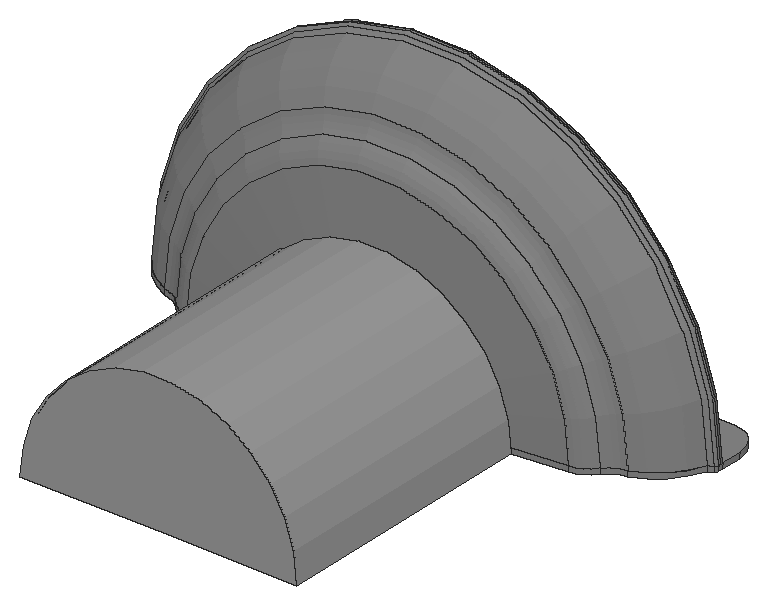
Revit family "Washfountain_4_Staion-Willoughby-WAF-5404-FLR", category Plumbing Fixtures, Revit 2015
Parameters (values of type "Standard")
  water line = Copper
  Waste Connection = no
  Vent Connection = no
  URL = "https://www.willoughby-ind.com/wp-content/uploads/2018/01/WAF-5404.pdf"
  Type Comments = ""
  Solid Surface Sink = Solid Surface Acrylic Resin-Willoughby
  Revision = "A"
  Model = "WAF-5404-FLR"
  Manufacturer = "Willoughby Industries"
  Lav Waste DIA = 1 1/2"
  Lav Waste Connection = yes
  LAV HW DIA = 1/2"
  LAV CW DIA = 1/2"
  HW Connection = yes
  Fixture Body = Stainless Steel AISI 304-Willoughby
  Description = "Floor Mounted 4 Station Washfountain"
  Default Elevation = 0' - 0"
  Contact = "(800) 428-4065"
  CW Connection = yes
Reference planes (in)
  plane 1 "Center (Front/Back)Floor HGT": y = 0
  plane 2: z = 0
  plane 3 "Center (Left/Right)": x = 0
  plane 4 "unit body HGT": y = 39
  plane 5: y = 39.5
  plane 6 "Sink HGT": y = 34
  plane 7 "Base HGT": y = 9.5
  plane 8 "Sink Drain": y = 19.5
  plane 9 "Bottom Of Bowl": y = 25.5
  plane 10: x = -6.845
  plane 11: x = 6.845
  plane 12: x = -27
  plane 13: z = 27
  plane 14 "Splash Face": z = 0.5
  plane 15: z = 13.25
  plane 16: x = -13.25
  plane 17: x = 13.25
  plane 18 "Water Supply": y = 18.5
  plane 19 "Hot Supply": x = 4
  plane 20 "Cold Supply": x = 8
  plane 21 "bubbler HGT": y = 35.66
  plane 22: y = 14.75
  plane 23: x = -9.5
  plane 24: x = 9.5
Forms (in)
  Extrusion 1, solid, material "Solid Surface Acrylic Resin-Willoughby" <- "Solid Surface Sink"
    sketch origin (0, 0, 0) x (1, 0, 0) y (0, 1, 0)
      loop
        line (-6.845, 25.5) -> (6.845, 25.5) -> (11.52413, 25.68856)
        arc (11.52413, 25.68856) -> (14.92598, 25.93546) -> (18.30491, 26.40063) r 53.01
        arc (18.30491, 26.40063) -> (19.41375, 26.83168) -> (20.31491, 27.60836) r 3.51
        arc (20.31491, 27.60836) -> (21.16213, 28.2452) -> (22.16491, 28.58836) r 3.38
        arc (22.16491, 28.58836) -> (24.73032, 30.26295) -> (26.40491, 32.82836) r 7.45
        arc (26.40491, 32.82836) -> (26.54572, 33.0411) -> (26.75847, 33.18191) r 0.63983
        arc (26.75847, 33.18191) -> (26.93397, 33.32403) -> (27, 33.54) r 0.38621
        line (27, 33.54) -> (27, 34) -> (27, 36)
        arc (27, 36) -> (26.12132, 38.12132) -> (24, 39) r 3
        line (24, 39) -> (0, 39) -> (-24, 39)
        arc (-24, 39) -> (-26.12132, 38.12132) -> (-27, 36) r 3
        line (-27, 36) -> (-27, 34) -> (-27, 33.54)
        arc (-27, 33.54) -> (-26.93397, 33.32403) -> (-26.75847, 33.18191) r 0.38621
        arc (-26.75847, 33.18191) -> (-26.54572, 33.0411) -> (-26.40491, 32.82836) r 0.63983
        arc (-26.40491, 32.82836) -> (-24.73032, 30.26295) -> (-22.16491, 28.58836) r 7.45
        arc (-22.16491, 28.58836) -> (-21.16213, 28.2452) -> (-20.31491, 27.60836) r 3.38
        arc (-20.31491, 27.60836) -> (-19.41375, 26.83168) -> (-18.30491, 26.40063) r 3.51
        arc (-18.30491, 26.40063) -> (-14.92598, 25.93546) -> (-11.52413, 25.68856) r 53.01
        line (-11.52413, 25.68856) -> (-6.845, 25.5)
    from 0 to 0.5
  Revolve 2, solid, material "Solid Surface Acrylic Resin-Willoughby" <- "Solid Surface Sink"
    sketch origin (0, 0, 0.5) x (1, 0, 0) y (0, 1, 0)
      loop
        line (27, 33.54) -> (27, 33.75)
        arc (27, 33.75) -> (26.92678, 33.92678) -> (26.75, 34) r 0.25
        arc (26.75, 34) -> (26.59277, 33.93487) -> (26.52764, 33.77764) r 0.22236
        arc (26.52764, 33.77764) -> (26.51299, 33.66399) -> (26.43525, 33.57981) r 0.1886
        arc (26.43525, 33.57981) -> (26.14057, 33.33951) -> (25.94132, 33.01566) r 1.13983
        arc (25.94132, 33.01566) -> (24.38046, 30.64844) -> (22.02426, 29.07099) r 7.17314
        arc (22.02426, 29.07099) -> (20.89405, 28.6688) -> (19.94072, 27.94059) r 3.88
        arc (19.94072, 27.94059) -> (19.16738, 27.26699) -> (18.21278, 26.89214) r 3.01
        arc (18.21278, 26.89214) -> (14.86971, 26.4323) -> (11.504, 26.18815) r 52.51
        line (11.504, 26.18815) -> (6.83493, 26) -> (0, 26) -> (0, 25.5) -> (6.845, 25.5) -> (11.52413, 25.68856)
        arc (11.52413, 25.68856) -> (14.92598, 25.93546) -> (18.30491, 26.40063) r 53.01
        arc (18.30491, 26.40063) -> (19.41375, 26.83168) -> (20.31491, 27.60836) r 3.51
        arc (20.31491, 27.60836) -> (21.16213, 28.2452) -> (22.16491, 28.58836) r 3.38
        arc (22.16491, 28.58836) -> (24.71623, 30.27704) -> (26.40491, 32.82836) r 7.67314
        arc (26.40491, 32.82836) -> (26.54572, 33.0411) -> (26.75847, 33.18191) r 0.63983
        arc (26.75847, 33.18191) -> (26.93397, 33.32403) -> (27, 33.54) r 0.38621
      axis (0, 34) -> (0, 25.5)
    angle from 0 to -180
  Extrusion 3, solid, material "Solid Surface Acrylic Resin-Willoughby" <- "Solid Surface Sink", detail levels medium+fine
    sketch origin (0, 39, 0) x (-1, 0, 0) y (0, 0, 1)
      loop
        line (0, 0) -> (9.5, 0) -> (9.5, 2.25) -> (7.17997, 10.26834)
        arc (7.17997, 10.26834) -> (6.34293, 11.1678) -> (5.16, 11.5) r 2.27225
        line (5.16, 11.5) -> (0, 11.5) -> (-5.16, 11.5)
        arc (-5.16, 11.5) -> (-6.34293, 11.1678) -> (-7.17997, 10.26834) r 2.27225
        line (-7.17997, 10.26834) -> (-9.5, 2.25) -> (-9.5, 0) -> (0, 0)
    from 0 to 0.5
  Extrusion 4, solid, material "Solid Surface Acrylic Resin-Willoughby" <- "Solid Surface Sink", detail levels medium+fine
    sketch origin (0, 39, 0) x (-1, 0, 0) y (0, 0, 1)
      loop
        line (-9, 0) -> (0, 0) -> (9, 0) -> (9, 2.17912) -> (6.76115, 9.91691)
        arc (6.76115, 9.91691) -> (6.22154, 10.69903) -> (5.32025, 11) r 1.5
        line (5.32025, 11) -> (0, 11) -> (-5.32025, 11)
        arc (-5.32025, 11) -> (-6.22154, 10.69903) -> (-6.76115, 9.91691) r 1.5
        line (-6.76115, 9.91691) -> (-9, 2.17912) -> (-9, 0)
    from 0 to -5
  Revolve 5, solid, material "Stainless Steel AISI 304-Willoughby" <- "Fixture Body"
    sketch origin (0, 0, 0) x (1, 0, 0) y (0, 1, 0)
      loop
        line (-13.25, 25.79323) -> (-13.25, 0.125) -> (0, 0.125) -> (0, 0.2527) -> (-13.125, 0.2527) -> (-13.125, 25.79323) -> (-13.25, 25.79323)
      axis (0, 25.79323) -> (0, 0.125)
    angle from 0 to -180
  Revolve 6, solid, material "Stainless Steel AISI 304-Willoughby" <- "Fixture Body", detail levels medium+fine
    sketch origin (0, 19.5, 0) x (-1, 0, 0) y (0, 0, 1)
      loop
        line (0, 0) -> (0.75, 0) -> (0.75, 3) -> (0, 3) -> (0, 0)
      axis (0, 3) -> (0, 0)
    angle from 0 to 360
  Revolve 7, solid, material "Copper" <- "water line", detail levels medium+fine
    sketch origin (0, 18.5, 0) x (-1, 0, 0) y (0, 0, 1)
      loop
        line (-4, 0) -> (-3.75, 0) -> (-3.75, 3) -> (-4, 3) -> (-4, 0)
      axis (-4, 3) -> (-4, 0)
    angle from 0 to 360
  Revolve 8, solid, material "Copper" <- "water line", detail levels medium+fine
    sketch origin (0, 18.5, 0) x (-1, 0, 0) y (0, 0, 1)
      loop
        line (-8, 0) -> (-7.75, 0) -> (-7.75, 3) -> (-8, 3) -> (-8, 0)
      axis (-8, 3) -> (-8, 0)
    angle from 0 to 360
  Revolve 9, solid, material "Stainless Steel AISI 304-Willoughby" <- "Fixture Body", detail levels fine
    sketch origin (-0.77078, 35.66, 3.56728) x (-0.275637, 0, 0.961262) y (0.961262, 0, 0.275637)
      loop
        line (0, 9) -> (0.75, 9) -> (0.75, 9.5)
        arc (0.75, 9.5) -> (0.53033, 10.03033) -> (0, 10.25) r 0.75
        line (0, 10.25) -> (0, 9)
      axis (0, 10.25) -> (0, 9)
    angle from 0 to 360
  Revolve 10, solid, material "Stainless Steel AISI 304-Willoughby" <- "Fixture Body", detail levels fine
    sketch origin (-0.77078, 0, 3.56728) x (0, 1, 0) y (0.961262, 0, 0.275637)
      loop
        line (34.91, 9.5) -> (35.26355, 9.85355) -> (34.91, 10.20711) -> (34.55645, 9.85355) -> (34.91, 9.5)
      axis (34.91, 10.20711) -> (35.26355, 9.85355)
    angle from 0 to 360
  Revolve 11, solid, material "Stainless Steel AISI 304-Willoughby" <- "Fixture Body", detail levels fine
    sketch origin (0.77078, 35.66, 3.56728) x (0.275637, 0, 0.961262) y (-0.961262, 0, 0.275637)
      loop
        line (0, 9) -> (0.75, 9) -> (0.75, 9.5)
        arc (0.75, 9.5) -> (0.53033, 10.03033) -> (0, 10.25) r 0.75
        line (0, 10.25) -> (0, 9)
      axis (0, 10.25) -> (0, 9)
    angle from 0 to 360
  Revolve 12, solid, material "Stainless Steel AISI 304-Willoughby" <- "Fixture Body", detail levels fine
    sketch origin (0.77078, 0, 3.56728) x (0, 1, 0) y (0.961262, 0, -0.275637)
      loop
        line (34.91, -9.5) -> (34.55645, -9.85355) -> (34.91, -10.20711) -> (35.26355, -9.85355) -> (34.91, -9.5)
      axis (34.91, -10.20711) -> (35.26355, -9.85355)
    angle from 0 to 360
  Revolve 13, solid, material "Stainless Steel AISI 304-Willoughby" <- "Fixture Body", detail levels fine
    sketch origin (3.16, 35.66, 2) x (-1, 0, 0) y (0, 0, 1)
      loop
        line (0, 9) -> (0.75, 9) -> (0.75, 9.5)
        arc (0.75, 9.5) -> (0.53033, 10.03033) -> (0, 10.25) r 0.75
        line (0, 10.25) -> (0, 9)
      axis (0, 10.25) -> (0, 9)
    angle from 0 to 360
  Revolve 14, solid, material "Stainless Steel AISI 304-Willoughby" <- "Fixture Body", detail levels fine
    sketch origin (3.16, 0, 2) x (0, 1, 0) y (0, 0, 1)
      loop
        line (34.91, 9.5) -> (35.26355, 9.85355) -> (34.91, 10.20711) -> (34.55645, 9.85355) -> (34.91, 9.5)
      axis (34.91, 10.20711) -> (35.26355, 9.85355)
    angle from 0 to 360
  Revolve 15, solid, material "Stainless Steel AISI 304-Willoughby" <- "Fixture Body", detail levels fine
    sketch origin (-3.16, 35.66, 2) x (1, 0, 0) y (0, 0, 1)
      loop
        line (0, 9) -> (0.75, 9) -> (0.75, 9.5)
        arc (0.75, 9.5) -> (0.53033, 10.03033) -> (0, 10.25) r 0.75
        line (0, 10.25) -> (0, 9)
      axis (0, 10.25) -> (0, 9)
    angle from 0 to 360
  Revolve 16, solid, material "Stainless Steel AISI 304-Willoughby" <- "Fixture Body", detail levels fine
    sketch origin (-3.16, 0, 2) x (0, 1, 0) y (0, 0, -1)
      loop
        line (34.91, -9.5) -> (34.55645, -9.85355) -> (34.91, -10.20711) -> (35.26355, -9.85355) -> (34.91, -9.5)
      axis (34.91, -10.20711) -> (35.26355, -9.85355)
    angle from 0 to 360
Lines and regions (in)
  symbolic lines
    curve 1: line (-13.25, 25.79323, 0) -> (-13.25, 14.74961, 0)
    curve 2: line (-13.25, 14.74961, 0) -> (13.25, 14.74961, 0)
    curve 3: line (13.25, 14.74961, 0) -> (13.25, 25.79323, 0)
    curve 4: arc (13.25, 25.79323, 0) -> (14.81145, 25.92524, 0) -> (16.36623, 26.12076, 0) r 38.45379
    curve 5: arc (16.36623, 26.12076, 0) -> (17.32316, 26.24841, 0) -> (18.27648, 26.40063, 0) r 37.51632
    curve 6: arc (18.27648, 26.40063, 0) -> (19.40672, 26.8171, 0) -> (20.31491, 27.60836, 0) r 3.33054
    curve 7: arc (20.31491, 27.60836, 0) -> (21.16213, 28.2452, 0) -> (22.16491, 28.58836, 0) r 3.38
    curve 8: arc (22.16491, 28.58836, 0) -> (24.71623, 30.27704, 0) -> (26.40491, 32.82836, 0) r 7.67314
    curve 9: arc (26.40491, 32.82836, 0) -> (26.54572, 33.0411, 0) -> (26.75847, 33.18191, 0) r 0.63983
    curve 10: arc (26.75847, 33.18191, 0) -> (26.93397, 33.32403, 0) -> (27, 33.54, 0) r 0.38621
    curve 11: line (27, 33.54, 0) -> (27, 33.75, 0)
    curve 12: arc (27, 33.75, 0) -> (26.92678, 33.92678, 0) -> (26.75, 34, 0) r 0.25
    curve 14: line (-27, 33.75, 0) -> (-27, 33.54, 0)
    curve 15: arc (-27, 33.54, 0) -> (-26.93397, 33.32403, 0) -> (-26.75847, 33.18191, 0) r 0.38621
    curve 16: arc (-26.75847, 33.18191, 0) -> (-26.54572, 33.0411, 0) -> (-26.40491, 32.82836, 0) r 0.63983
    curve 17: arc (-26.40491, 32.82836, 0) -> (-24.71623, 30.27704, 0) -> (-22.16491, 28.58836, 0) r 7.67314
    curve 18: arc (-22.16491, 28.58836, 0) -> (-21.16213, 28.2452, 0) -> (-20.31491, 27.60836, 0) r 3.38
    curve 19: arc (-20.31491, 27.60836, 0) -> (-19.41375, 26.83168, 0) -> (-18.30491, 26.40063, 0) r 3.51
    curve 20: arc (-18.30491, 26.40063, 0) -> (-15.78528, 26.03184, 0) -> (-13.25, 25.79323, 0) r 49.45833
    curve 21: line (-13.25, 25.79323, 0) -> (13.25, 25.79323, 0)
    curve 22: line (-27, 33.75, 0) -> (-27, 36, 0)
    curve 23: arc (-27, 36, 0) -> (-26.12132, 38.12132, 0) -> (-24, 39, 0) r 3
    curve 24: line (-24, 39, 0) -> (24, 39, 0)
    curve 25: arc (24, 39, 0) -> (26.12132, 38.12132, 0) -> (27, 36, 0) r 3
    curve 26: line (27, 36, 0) -> (27, 33.75, 0)
    curve 29: line (9, 39, 0) -> (6.75, 39, 0)
    curve 30: line (9.5, 39.5, 0) -> (-9.5, 39.5, 0)
    curve 31: line (-9.5, 39.5, 0) -> (-9.5, 39, 0)
    curve 36: line (0, 14.74961, 0) -> (0, 14.74961, 13.25)
    curve 37: line (0, 14.74961, 13.25) -> (0, 25.75, 13.25)
    curve 38: arc (0, 25.75, 13.25) -> (0, 26.01168, 16.03491) -> (0, 26.40063, 18.80491) r 61.05831
    curve 39: arc (0, 26.40063, 18.80491) -> (0, 26.81192, 19.92562) -> (0, 27.60836, 20.81491) r 3.17176
    curve 40: arc (0, 27.60836, 20.81491) -> (0, 28.24513, 21.66216) -> (0, 28.58836, 22.66491) r 3.38151
    curve 41: arc (0, 28.58836, 22.66491) -> (0, 30.28272, 25.21633) -> (0, 32.83523, 26.90905) r 7.72708
    curve 42: arc (0, 32.83523, 26.90905) -> (0, 33.01009, 27.01646) -> (0, 33.14079, 27.17468) r 0.6256
    curve 43: arc (0, 33.14079, 27.17468) -> (0, 33.17429, 27.23751) -> (0, 33.20318, 27.30258) r 0.99038
    curve 44: arc (0, 33.20318, 27.30258) -> (0, 33.34154, 27.44497) -> (0, 33.53222, 27.50029) r 0.38807
    curve 45: line (0, 33.53222, 27.50029) -> (0, 33.76887, 27.50029)
    curve 46: arc (0, 33.76887, 27.50029) -> (0, 33.93547, 27.41789) -> (0, 34, 27.24359) r 0.25151
    curve 47: line (0, 34, 27.24359) -> (0, 34, 0.5)
    curve 48: line (0, 34, 0.5) -> (0, 39, 0.5)
    curve 49: line (0, 39, 0.5) -> (0, 39, 0)
    curve 50: line (0, 39, 0) -> (0, 14.74961, 0)
    curve 51: line (0, 25.5, 0) -> (0, 25.5, 7.345)
    curve 52: arc (0, 25.5, 7.345) -> (0, 25.60809, 10.29822) -> (0, 25.75, 13.25) r 257.93764
    curve 58: line (27, 35.66, 0) -> (27, 35.66, 0.5)
    curve 60: line (-27, 35.66, 0.5) -> (-27, 35.66, 0)
    curve 61: line (-27, 35.66, 0) -> (27, 35.66, 0)
    curve 62: arc (27, 35.66, 0.5) -> (0, 35.66, 27.5) -> (-27, 35.66, 0.5) r 27
    curve 63: line (9.5, 39.5, 0) -> (9.5, 39, 0)
    curve 64: line (-10.5, 14.74961, 0) -> (-10.5, 0, 0)
    curve 65: line (-10.5, 0, 0) -> (10.5, 0, 0)
    curve 66: line (10.5, 0, 0) -> (10.5, 14.74961, 0)
    curve 67: line (9.5, 14.74961, 0) -> (9.5, 0, 0)
    curve 68: line (-9.5, 14.74961, 0) -> (-9.5, 0, 0)
    curve 69: line (0, 14.74961, 9.5) -> (0, 0, 9.5)
    curve 70: line (0, 0, 9.5) -> (0, 0, 0)
    curve 71: line (0, 0, 0) -> (0, 14.74961, 0)
  symbolic lines, detail levels medium+fine
    curve 13: arc (-26.75, 34, 0) -> (-26.92678, 33.92678, 0) -> (-27, 33.75, 0) r 0.25
    curve 34: line (-26.75, 34, 0) -> (26.75, 34, 0)
    curve 35: arc (26.75, 34, 0) -> (26.92678, 33.92678, 0) -> (27, 33.75, 0) r 0.25
    curve 59: line (27, 35.66, 0.5) -> (-27, 35.66, 0.5)
  symbolic lines, detail levels fine
    curve 27: line (-9, 34, 0) -> (-9, 39, 0)
    curve 28: line (9, 39, 0) -> (9, 34, 0)
    curve 32: line (-6.845, 34, 0) -> (-6.845, 39, 0)
    curve 33: line (6.845, 34, 0) -> (6.845, 39, 0)
    curve 53: line (0, 39, 11.5) -> (0, 39.5, 11.5)
    curve 54: line (0, 39.5, 11.5) -> (0, 39.5, 0)
    curve 55: line (0, 39.5, 0) -> (0, 39, 0)
    curve 56: line (0, 39, 11) -> (0, 39, 0)
    curve 57: line (0, 34, 11) -> (0, 39, 11)
    curve 72: circle (-3.16, 35.61711, 0) r 0.74877 normal (0, 0, 1)
    curve 73: circle (3.16, 35.61711, 0) r 0.74877 normal (0, 0, 1)
    curve 74: line (7.92743, 36.40807, 0) -> (8.42743, 36.40807, 0)
    curve 75: arc (8.42743, 36.40807, 0) -> (8.91311, 36.1681, 0) -> (9.101, 35.66, 0) r 0.73236
    curve 76: arc (9.101, 35.66, 0) -> (8.88432, 35.13689, 0) -> (8.3612, 34.92021, 0) r 0.73979
    curve 77: line (8.3612, 34.92021, 0) -> (7.91584, 34.92021, 0)
    curve 78: arc (7.92743, 36.40807, 0) -> (7.83435, 36.37873, 0) -> (7.77494, 36.3013, 0) r 0.16227
    curve 79: arc (7.77494, 36.3013, 0) -> (7.68258, 35.65661, 0) -> (7.77494, 35.01192, 0) r 2.2962
    curve 80: arc (7.77494, 35.01192, 0) -> (7.82841, 34.93998, 0) -> (7.91584, 34.92021, 0) r 0.12908
    curve 81: arc (-8.511, 36.3984, 0) -> (-8.94409, 36.13781, 0) -> (-9.10894, 35.66, 0) r 0.74015
    curve 82: arc (-9.10894, 35.66, 0) -> (-8.89538, 35.14353, 0) -> (-8.38668, 34.91207, 0) r 0.76128
    curve 83: line (-8.38668, 34.91207, 0) -> (-7.89513, 34.91207, 0)
    curve 84: arc (-7.89513, 34.91207, 0) -> (-7.85727, 34.91875, 0) -> (-7.82398, 34.93797, 0) r 0.11068
    curve 85: arc (-8.511, 36.3984, 0) -> (-8.4465, 36.4075, 0) -> (-8.38141, 36.40974, 0) r 0.61511
    curve 86: line (-8.38141, 36.40974, 0) -> (-7.88141, 36.40974, 0)
    curve 87: arc (-7.88141, 36.40974, 0) -> (-7.85569, 36.4045, 0) -> (-7.83406, 36.38964, 0) r 0.06582
    curve 88: arc (-7.82398, 34.93797, 0) -> (-7.66457, 35.66343, 0) -> (-7.82398, 36.3889, 0) r 1.73045
    curve 89: arc (3.91272, 35.66, 11.5) -> (3.16272, 35.66, 12.25) -> (2.41272, 35.66, 11.5) r 0.75
    curve 90: arc (-2.4026, 35.66, 11.5) -> (-3.1526, 35.66, 12.25) -> (-3.9026, 35.66, 11.5) r 0.75
    curve 91: arc (-8.15294, 35.66, 6.90564) -> (-9.08169, 35.66, 6.3936) -> (-8.56985, 35.66, 5.46474) r 0.75
    curve 92: arc (8.56977, 35.66, 5.46502) -> (9.0772, 35.66, 6.3926) -> (8.15286, 35.66, 6.90592) r 0.75002
Dimensions and locks (in)
  equal spacing: plane 10, plane 3 "Center (Left/Right)", plane 11
  plane 10 to plane 11 = 1' - 1.69"
  plane 12 to plane 3 "Center (Left/Right)" = 2' - 3"
  plane 1 "Center (Front/Back)Floor HGT" to plane 22 = 1' - 2 3/4"
  plane 1 "Center (Front/Back)Floor HGT" to plane 9 "Bottom Of Bowl" = 2' - 1 1/2"
  plane 1 "Center (Front/Back)Floor HGT" to plane 5 = 3' - 3 1/2"
  plane 1 "Center (Front/Back)Floor HGT" to plane 4 "unit body HGT" = 3' - 3"
  plane 1 "Center (Front/Back)Floor HGT" to plane 6 "Sink HGT" = 2' - 10"
  plane 23 to plane 24 = 1' - 7"
  plane 16 to plane 17 = 2' - 2 1/2"
  Extrusion 1 to Extrusion 1 = 4' - 6"
  aligned and locked: Revolve 5 sketch curve to Revolve 5 sketch curve  (x3)
  aligned and locked: Revolve 6 sketch curve to Revolve 6 sketch curve
  aligned and locked: Revolve 7 sketch curve to Revolve 7 sketch curve  (x2)
  aligned and locked: Revolve 8 sketch curve to Revolve 8 sketch curve  (x2)
  aligned and locked: Revolve 10 sketch curve to Revolve 10 sketch curve  (x3)
  aligned and locked: Revolve 12 sketch curve to Revolve 12 sketch curve  (x3)
  aligned and locked: Extrusion 3 to curve 56
  aligned and locked: plane 23 to Extrusion 3 sketch curve
  aligned and locked: Revolve 14 sketch curve to Revolve 14 sketch curve  (x3)
  aligned and locked: Revolve 16 sketch curve to Revolve 16 sketch curve  (x3)
Automatic sketch dimensions
  Extrusion 1 sketch curve to plane 12 = 0' - 0"
  Extrusion 1 sketch curve to plane 4 "unit body HGT" = 0' - 0"
  Extrusion 1 sketch curve to plane 9 "Bottom Of Bowl" = 0' - 0"
  Extrusion 1 sketch curve to plane 10 = 0' - 0"
  Extrusion 1 sketch curve to plane 3 "Center (Left/Right)" = 0' - 0"
  Extrusion 1 sketch curve to plane 11 = 0' - 0"
  Extrusion 1 sketch curve to plane 6 "Sink HGT" = 0' - 0"  (x2)
  Extrusion 1 sketch curve to plane 12 = 0' - 0.00185"
  Extrusion 1 sketch curve to Extrusion 1 sketch curve = 0' - 0.38621"  (x2)
  plane 21 "bubbler HGT" to Extrusion 1 sketch curve = 0' - 0.34"
  Extrusion 1 sketch curve to plane 9 "Bottom Of Bowl" = 0' - 0.24161"  (x2)
  Extrusion 1 sketch curve to plane 12 = 0' - 4.25567"
  Extrusion 1 sketch curve to plane 21 "bubbler HGT" = 0' - 0.12911"  (x2)
  Extrusion 1 sketch curve to Extrusion 1 sketch curve = 0' - 4.53762"  (x2)
  plane 16 to Extrusion 1 sketch curve = 0' - 4.35597"
  plane 9 "Bottom Of Bowl" to Extrusion 1 sketch curve = 0' - 0.18856"  (x2)
  Extrusion 1 sketch curve to plane 16 = 0' - 1.72587"
  Extrusion 1 sketch curve to plane 23 = 0' - 0.11032"
  plane 24 to Extrusion 1 sketch curve = 0' - 0.11032"
  plane 17 to Extrusion 1 sketch curve = 0' - 1.72587"
  Extrusion 1 sketch curve to plane 17 = 0' - 4.35597"
  Extrusion 1 sketch curve to Extrusion 1 sketch curve = 0' - 1.85641"
  Extrusion 1 sketch curve to Extrusion 1 sketch curve = 0' - 5.13836"
  Extrusion 1 sketch curve to plane 6 "Sink HGT" = 0' - 0.46"  (x2)
  Extrusion 1 sketch curve to Extrusion 1 sketch curve = 0' - 2.61379"
  Extrusion 1 sketch curve to Extrusion 1 sketch curve = 0' - 0.38436"
  Extrusion 1 sketch curve to plane 6 "Sink HGT" = 0' - 4.15967"  (x2)
  Extrusion 1 sketch curve to Extrusion 1 sketch curve = 0' - 0.95132"
  Extrusion 1 sketch curve to plane 6 "Sink HGT" = 0' - 1.41132"
  plane 5 to Extrusion 1 sketch curve = 3' - 3.15557"
  Extrusion 1 sketch curve to Extrusion 1 sketch curve = 0' - 0"  (x2)
  Extrusion 1 sketch curve to Extrusion 1 sketch curve = 0' - 0.35355"  (x2)
  plane 9 "Bottom Of Bowl" to Extrusion 1 sketch curve = 0' - 3.08836"
  Extrusion 1 sketch curve to Extrusion 1 sketch curve = 0' - 1.85"  (x2)
  plane 9 "Bottom Of Bowl" to Extrusion 1 sketch curve = 0' - 0.90063"
  plane 9 "Bottom Of Bowl" to Extrusion 1 sketch curve = 0' - 2.10836"
  Revolve 2 sketch curve to Revolve 2 sketch curve = 0' - 0"  (x13)
  Revolve 2 sketch curve to plane 3 "Center (Left/Right)" = 0' - 0"  (x2)
  Revolve 2 sketch curve to plane 9 "Bottom Of Bowl" = 0' - 0"  (x2)
  Revolve 2 sketch curve to plane 11 = 0' - 0"
  Revolve 2 sketch curve to plane 6 "Sink HGT" = 0' - 0"  (x2)
  plane 11 to Revolve 2 sketch curve = 0' - 0.01007"
  plane 24 to Revolve 2 sketch curve = 0' - 0.11032"
  plane 9 "Bottom Of Bowl" to Revolve 2 sketch curve = 0' - 0.68815"
  plane 17 to Revolve 2 sketch curve = 0' - 1.746"
  plane 9 "Bottom Of Bowl" to Revolve 2 sketch curve = 0' - 0.18856"
  Revolve 2 sketch curve to Revolve 2 sketch curve = 0' - 0.02013"
  Revolve 2 sketch curve to plane 17 = 0' - 4.35597"
  plane 21 "bubbler HGT" to Revolve 2 sketch curve = 0' - 0.04277"
  Revolve 2 sketch curve to plane 17 = 0' - 6.04051"
  Revolve 2 sketch curve to plane 9 "Bottom Of Bowl" = 0' - 0.24161"
  Revolve 2 sketch curve to Revolve 2 sketch curve = 0' - 5.13836"
  Revolve 2 sketch curve to plane 6 "Sink HGT" = 0' - 0.2562"
  Revolve 2 sketch curve to Revolve 2 sketch curve = 0' - 7.0516"
  Revolve 2 sketch curve to Revolve 2 sketch curve = 0' - 0.27168"
  Revolve 2 sketch curve to Revolve 2 sketch curve = 0' - 0.13621"
  Revolve 2 sketch curve to Revolve 2 sketch curve = 0' - 0.38436"
  Revolve 2 sketch curve to Revolve 2 sketch curve = 0' - 0 1/4"
  plane 9 "Bottom Of Bowl" to Revolve 2 sketch curve = 0' - 0 1/2"
  Revolve 2 sketch curve to plane 6 "Sink HGT" = 0' - 4.15967"
  Revolve 2 sketch curve to Revolve 2 sketch curve = 0' - 1.16132"
  Revolve 2 sketch curve to Revolve 2 sketch curve = 0' - 0.21"
  Revolve 2 sketch curve to Revolve 2 sketch curve = 0' - 0.02764"
  plane 5 to Revolve 2 sketch curve = 3' - 3.15557"
  plane 9 "Bottom Of Bowl" to Revolve 2 sketch curve = 0' - 1.39214"
  Revolve 2 sketch curve to Revolve 2 sketch curve = 0' - 0.09213"
  Revolve 2 sketch curve to Revolve 2 sketch curve = 0' - 1.72794"
  Revolve 2 sketch curve to Revolve 2 sketch curve = 0' - 0.37419"
  Revolve 2 sketch curve to Revolve 2 sketch curve = 0' - 1.70935"
  Revolve 2 sketch curve to Revolve 2 sketch curve = 0' - 0.14065"
  Extrusion 3 sketch curve to level = 0' - 0"
  plane 24 to Extrusion 3 sketch curve = 0' - 0"
  Extrusion 3 sketch curve to plane 3 "Center (Left/Right)" = 0' - 0"  (x2)
  Extrusion 3 sketch curve to plane 11 = 0' - 0.33497"
  Extrusion 3 sketch curve to plane 19 "Hot Supply" = 0' - 1.16"
  Extrusion 3 sketch curve to plane 10 = 0' - 1.685"
  plane 10 to Extrusion 3 sketch curve = 0' - 0.33497"
  plane 14 "Splash Face" to Extrusion 3 sketch curve = 0' - 1 3/4"  (x2)
  Extrusion 3 sketch curve to plane 15 = 0' - 4.02225"  (x2)
  Extrusion 3 sketch curve to Extrusion 3 sketch curve = 0' - 1.04058"
  Extrusion 4 sketch curve to level = 0' - 0"
  Extrusion 4 sketch curve to plane 3 "Center (Left/Right)" = 0' - 0"  (x2)
  Extrusion 4 sketch curve to plane 19 "Hot Supply" = 0' - 1.32025"
  plane 11 to Extrusion 4 sketch curve = 0' - 0.08385"
  plane 24 to Extrusion 4 sketch curve = 0' - 0 1/2"
  Extrusion 4 sketch curve to plane 10 = 0' - 1.52475"
  Extrusion 4 sketch curve to plane 10 = 0' - 0.08385"
  Extrusion 4 sketch curve to plane 23 = 0' - 0 1/2"
  plane 14 "Splash Face" to Extrusion 4 sketch curve = 0' - 1.67912"  (x2)
  Extrusion 4 sketch curve to plane 15 = 0' - 3 3/4"
  Extrusion 4 sketch curve to Extrusion 4 sketch curve = 0' - 7.32088"
  Extrusion 4 sketch curve to Extrusion 4 sketch curve = 0' - 0.41691"
  Revolve 6 sketch curve to level = 0' - 0"  (x2)
  Revolve 6 sketch curve to plane 3 "Center (Left/Right)" = 0' - 0"
  Revolve 6 sketch curve to Revolve 6 sketch curve = 0' - 0 3/4"
  plane 14 "Splash Face" to Revolve 6 sketch curve = 0' - 2 1/2"
  Revolve 6 sketch curve to Revolve 6 sketch curve = 0' - 0"
  Revolve 7 sketch curve to level = 0' - 0"  (x2)
  plane 19 "Hot Supply" to Revolve 7 sketch curve = 0' - 0"
  plane 19 "Hot Supply" to Revolve 7 sketch curve = 0' - 0 1/4"
  plane 14 "Splash Face" to Revolve 7 sketch curve = 0' - 2 1/2"
  Revolve 8 sketch curve to level = 0' - 0"  (x2)
  plane 20 "Cold Supply" to Revolve 8 sketch curve = 0' - 0"
  plane 20 "Cold Supply" to Revolve 8 sketch curve = 0' - 0 1/4"
  plane 14 "Splash Face" to Revolve 8 sketch curve = 0' - 2 1/2"
  plane 20 "Cold Supply" to Revolve 9 sketch curve = 0' - 0.11943"
  plane 14 "Splash Face" to Revolve 9 sketch curve = 0' - 5.54801"
  Revolve 9 sketch curve to Revolve 9 sketch curve = 0' - 0 3/4"
  Revolve 9 sketch curve to Revolve 9 sketch curve = 0' - 0 1/2"
  Revolve 9 sketch curve to Revolve 9 sketch curve = 0' - 0"  (x3)
  plane 6 "Sink HGT" to Revolve 10 sketch curve = 0' - 0.55645"
  Revolve 10 sketch curve to Revolve 10 sketch curve = 0' - 0.35355"  (x3)
  Revolve 11 sketch curve to plane 10 = 0' - 1.03557"
  Revolve 11 sketch curve to plane 14 "Splash Face" = 0' - 5.54801"
  Revolve 11 sketch curve to Revolve 11 sketch curve = 0' - 0 3/4"
  Revolve 11 sketch curve to Revolve 11 sketch curve = 0' - 0 1/2"
  Revolve 11 sketch curve to Revolve 11 sketch curve = 0' - 0"  (x3)
  plane 6 "Sink HGT" to Revolve 12 sketch curve = 0' - 0.55645"
  Revolve 12 sketch curve to Revolve 12 sketch curve = 0' - 0.35355"  (x3)
  plane 19 "Hot Supply" to Revolve 13 sketch curve = 0' - 0.84"
  Revolve 13 sketch curve to Revolve 13 sketch curve = 0' - 0 3/4"
  Revolve 13 sketch curve to plane 15 = 0' - 2 1/4"
  Revolve 13 sketch curve to Revolve 13 sketch curve = 0' - 0 1/2"
  Revolve 13 sketch curve to Revolve 13 sketch curve = 0' - 0"  (x3)
  plane 6 "Sink HGT" to Revolve 14 sketch curve = 0' - 0.55645"
  Revolve 14 sketch curve to Revolve 14 sketch curve = 0' - 0.35355"  (x3)
  Revolve 14 sketch curve to plane 15 = 0' - 1 3/4"
  plane 3 "Center (Left/Right)" to Revolve 15 sketch curve = 0' - 3.16"
  Revolve 15 sketch curve to Revolve 15 sketch curve = 0' - 0 3/4"
  plane 15 to Revolve 15 sketch curve = 0' - 2 1/4"
  Revolve 15 sketch curve to Revolve 15 sketch curve = 0' - 0 1/2"
  Revolve 15 sketch curve to Revolve 15 sketch curve = 0' - 0"  (x3)
  plane 6 "Sink HGT" to Revolve 16 sketch curve = 0' - 0.55645"
  Revolve 16 sketch curve to Revolve 16 sketch curve = 0' - 0.35355"  (x3)
  Revolve 16 sketch curve to plane 15 = 0' - 1.04289"
  curve 70 to plane 1 "Center (Front/Back)Floor HGT" = 0' - 0"
  curve 37 to plane 15 = 0' - 0"
  curve 36 to level = 0' - 0"
  curve 51 to plane 9 "Bottom Of Bowl" = 0' - 0"
  curve 48 to plane 6 "Sink HGT" = 0' - 0"
  curve 53 to plane 4 "unit body HGT" = 0' - 0"
  curve 54 to plane 5 = 0' - 0"
  curve 49 to plane 14 "Splash Face" = 0' - 0"
  curve 37 to plane 22 = 0' - 0.00039"
  curve 40 to plane 9 "Bottom Of Bowl" = 0' - 0.24301"
  curve 52 to curve 37 = 0' - 0 1/4"
  plane 9 "Bottom Of Bowl" to curve 39 = 0' - 4.03065"
  plane 13 to curve 43 = 0' - 0.67166"
  curve 43 to plane 6 "Sink HGT" = 0' - 1.71586"
  curve 43 to curve 42 = 0' - 0.31552"
  curve 45 to plane 6 "Sink HGT" = 0' - 0.46778"
  plane 13 to curve 44 = 0' - 0.11233"
  curve 45 to curve 44 = 0' - 0.00919"
  curve 44 to curve 46 = 0' - 0.20715"
  curve 45 to plane 6 "Sink HGT" = 0' - 0.23113"
  plane 21 "bubbler HGT" to curve 41 = 0' - 0.08484"
  curve 38 to plane 15 = 0' - 4.3181"
  plane 5 to curve 38 = 3' - 11.15542"
  curve 52 to level = 0' - 0.61232"
  curve 38 to curve 52 = 16' - 4.65944"
  curve 70 to plane 15 = 0' - 3 3/4"
  curve 56 to plane 15 = 0' - 2 1/4"
  plane 15 to curve 39 = 0' - 5.04205"
  curve 39 to curve 41 = 0' - 1.45866"
  curve 40 to plane 13 = 0' - 3.75493"
  plane 13 to curve 47 = 0' - 0.24359"
  curve 44 to curve 46 = 0' - 0.13728"
  curve 42 to curve 43 = 0' - 0.18305"
  curve 39 to curve 38 = 0' - 0"
  plane 9 "Bottom Of Bowl" to curve 39 = 0' - 2.10836"
  curve 39 to curve 41 = 0' - 0.98"
  curve 42 to curve 41 = 0' - 0"
  curve 43 to curve 42 = 0' - 0"
  curve 56 to curve 54 = 0' - 0 1/2"
  curve 13 to plane 6 "Sink HGT" = 0' - 0"
  curve 23 to plane 4 "unit body HGT" = 0' - 0"
  curve 21 to plane 16 = 0' - 0"
  plane 1 "Center (Front/Back)Floor HGT" to curve 65 = 0' - 0"
  curve 31 to plane 23 = 0' - 0"
  curve 82 to plane 21 "bubbler HGT" = 0' - 0"
  curve 81 to plane 21 "bubbler HGT" = 0' - 0"
  curve 32 to plane 10 = 0' - 0"
  curve 29 to plane 4 "unit body HGT" = 0' - 0"
  curve 33 to plane 11 = 0' - 0"
  curve 76 to plane 21 "bubbler HGT" = 0' - 0"
  curve 63 to plane 5 = 0' - 0"
  curve 63 to plane 24 = 0' - 0"
  curve 67 to plane 24 = 0' - 0"
  curve 3 to plane 17 = 0' - 0"
  plane 16 to curve 19 = 0' - 4.35597"
  plane 21 "bubbler HGT" to curve 17 = 0' - 0.04277"
  plane 16 to curve 17 = 0' - 6.04051"
  curve 18 to plane 9 "Bottom Of Bowl" = 0' - 0.24161"
  curve 18 to curve 19 = 0' - 5.13836"
  plane 21 "bubbler HGT" to curve 23 = 0' - 0.34"
  curve 23 to curve 17 = 0' - 4.70949"
  curve 15 to curve 15 = 0' - 0.38621"
  curve 13 to curve 13 = 0' - 0 1/4"
  curve 15 to curve 16 = 0' - 0.00185"
  curve 65 to curve 68 = 0' - 1"
  plane 23 to curve 20 = 0' - 0.38483"
  plane 21 "bubbler HGT" to curve 88 = 0' - 0.00343"
  curve 88 to plane 23 = 0' - 0.10498"
  plane 21 "bubbler HGT" to curve 85 = 0' - 0.13473"
  curve 88 to curve 85 = 0' - 1.00213"
  curve 85 to curve 83 = 0' - 0.00622"
  curve 85 to curve 86 = 0' - 0.01148"
  plane 21 "bubbler HGT" to curve 81 = 0' - 0.01202"
  curve 85 to curve 81 = 0' - 0.02401"
  plane 21 "bubbler HGT" to curve 82 = 0' - 0.01236"
  curve 81 to curve 82 = 0' - 0.02112"
  curve 83 to curve 83 = 0' - 0.49155"
  curve 85 to curve 86 = 0' - 0 1/2"
  curve 72 to plane 21 "bubbler HGT" = 0' - 0.04289"
  curve 72 to plane 3 "Center (Left/Right)" = 0' - 3.16"
  curve 73 to plane 21 "bubbler HGT" = 0' - 0.04289"
  plane 19 "Hot Supply" to curve 73 = 0' - 0.84"
  plane 20 "Cold Supply" to curve 80 = 0' - 0.10117"
  plane 20 "Cold Supply" to curve 77 = 0' - 0.08416"
  plane 20 "Cold Supply" to curve 74 = 0' - 0.07257"
  curve 76 to plane 20 "Cold Supply" = 0' - 0.3612"
  curve 76 to curve 75 = 0' - 0.00765"
  curve 74 to plane 20 "Cold Supply" = 0' - 0.42743"
  curve 79 to plane 21 "bubbler HGT" = 0' - 0.00339"
  curve 79 to plane 24 = 0' - 0.47878"
  curve 65 to plane 24 = 0' - 1"
  curve 4 to plane 24 = 0' - 1.29194"
  curve 4 to curve 5 = 0' - 1.09282"
  curve 6 to plane 17 = 0' - 4.45905"
  plane 21 "bubbler HGT" to curve 8 = 0' - 0.04277"
  curve 8 to plane 17 = 0' - 6.04051"
  curve 7 to plane 9 "Bottom Of Bowl" = 0' - 0.24161"
  curve 6 to curve 7 = 0' - 5.03528"
  curve 8 to curve 24 = 0' - 4.70949"
  curve 10 to plane 6 "Sink HGT" = 0' - 0.46"
  curve 25 to curve 10 = 0' - 2.61379"
  curve 10 to curve 35 = 0' - 0.13621"
  curve 10 to curve 9 = 0' - 0.38436"
  curve 35 to curve 11 = 0' - 0 1/4"
  curve 3 to plane 22 = 0' - 0.00039"
  plane 9 "Bottom Of Bowl" to curve 3 = 0' - 0.29323"
  plane 9 "Bottom Of Bowl" to curve 6 = 0' - 4.18248"
  curve 19 to plane 6 "Sink HGT" = 0' - 4.15967"
  curve 9 to curve 11 = 0' - 0.95132"
  curve 16 to curve 13 = 0' - 1.16132"
  curve 14 to curve 13 = 0' - 0.21"
  curve 77 to plane 21 "bubbler HGT" = 0' - 0.73979"
  curve 83 to curve 84 = 0' - 0.11068"
  curve 77 to curve 80 = 0' - 0.12795"
  plane 21 "bubbler HGT" to curve 75 = 0' - 0.01806"
  curve 78 to curve 74 = 0' - 0.16227"
  curve 87 to curve 81 = 0' - 0.05448"
  curve 87 to curve 86 = 0' - 0.06582"
  plane 5 to curve 5 = 1' - 11.86845"
  curve 5 to curve 4 = 0' - 0.79992"
  curve 4 to curve 20 = 0' - 10.96857"
  plane 9 "Bottom Of Bowl" to curve 19 = 0' - 0.90063"
  plane 9 "Bottom Of Bowl" to curve 19 = 0' - 2.10836"
  curve 18 to curve 19 = 0' - 1.85"
  curve 16 to curve 17 = 0' - 0"
  curve 31 to curve 27 = 0' - 0 1/2"
  curve 86 to curve 87 = 0' - 0.04735"
  curve 83 to curve 84 = 0' - 0.07115"
  curve 87 to curve 88 = 0' - 0.01007"
  curve 29 to curve 33 = 0' - 0.095"
  curve 78 to curve 78 = 0' - 0.15248"
  plane 24 to curve 28 = 0' - 0 1/2"
  plane 9 "Bottom Of Bowl" to curve 5 = 0' - 0.62076"
  curve 6 to curve 5 = 0' - 0"
  plane 9 "Bottom Of Bowl" to curve 7 = 0' - 2.10836"
  curve 6 to curve 7 = 0' - 1.85"
  curve 9 to curve 8 = 0' - 0"
  curve 58 to plane 14 "Splash Face" = 0' - 0"
  curve 61 to level = 0' - 0"
  curve 62 to plane 3 "Center (Left/Right)" = 0' - 0"
  plane 19 "Hot Supply" to curve 89 = 0' - 0.83728"
  curve 92 to plane 20 "Cold Supply" = 0' - 0.35673"
  curve 58 to plane 17 = 1' - 1 3/4"
  curve 90 to plane 3 "Center (Left/Right)" = 0' - 3.1526"
  curve 91 to plane 23 = 0' - 1.13876"
  plane 14 "Splash Face" to curve 92 = 0' - 5.68414"
  plane 14 "Splash Face" to curve 91 = 0' - 5.68514"
  curve 90 to plane 15 = 0' - 1 3/4"
  curve 89 to plane 15 = 0' - 1 3/4"
  curve 89 to curve 89 = 0' - 0 3/4"
  curve 92 to plane 20 "Cold Supply" = 0' - 0.15286"
  curve 92 to plane 20 "Cold Supply" = 0' - 0.56977"
  curve 90 to curve 90 = 0' - 0 3/4"
  curve 91 to curve 91 = 0' - 0.20831"
  curve 91 to curve 91 = 0' - 0.2086"
  curve 91 to curve 91 = 0' - 0.72041"
  curve 92 to curve 92 = 0' - 0.71912"
  curve 68 to plane 23 = 0' - 0"
  Revolve 5 sketch curve to plane 16 = 0' - 0"
  Revolve 5 sketch curve to plane 3 "Center (Left/Right)" = 0' - 0"
  Revolve 5 sketch curve to plane 16 = 0' - 0 1/8"
  plane 9 "Bottom Of Bowl" to Revolve 5 sketch curve = 0' - 0.29323"
  Revolve 5 sketch curve to plane 22 = 1' - 2.4973"
  Revolve 5 sketch curve to plane 22 = 1' - 2 5/8"
  radius of curve 72 = 0' - 0.74877"
  radius of curve 73 = 0' - 0.74877"
Connectors (in)
  piping at (4, 18.5, 0), diameter 0.5, driven by "LAV HW DIA", driven by "HW Connection"
    settings: on Revolve 7, index 2, connector inside diameter 24", connector length 0' - 0", flow factor 0, pipe flow 0 GPM, pressure drop 0.00 psi, fitting loss kfactor 0, connector angle 0.00°, fixture units 0, engagement length 0' - 0", angle of deflection 0.00°, flow configuration 0, flow direction 1, fitting loss method 0, system type 19, joint type 0, gender type 0, connector reference index -1, connector utility 1, adjustable connector no, is connector primary yes, connector description "Hot Water Inlet"
  piping at (8, 18.5, 0), diameter 0.5, driven by "LAV CW DIA", driven by "CW Connection"
    settings: on Revolve 8, index 3, connector inside diameter 24", connector length 0' - 0", flow factor 0, pipe flow 0 GPM, pressure drop 0.00 psi, fitting loss kfactor 0, connector angle 0.00°, fixture units 0, engagement length 0' - 0", angle of deflection 0.00°, flow configuration 0, flow direction 1, fitting loss method 0, system type 20, joint type 0, gender type 0, connector reference index -1, connector utility 1, adjustable connector no, is connector primary no, connector description "Cold Waster inlet"
  piping at (0, 19.5, 0), diameter 1.5, driven by "Lav Waste DIA", driven by "Lav Waste Connection"
    settings: on Revolve 6, index 4, connector inside diameter 24", connector length 0' - 0", flow factor 0, pipe flow 0 GPM, pressure drop 0.00 psi, fitting loss kfactor 0, connector angle 0.00°, fixture units 0, engagement length 0' - 0", angle of deflection 0.00°, flow configuration 0, flow direction 2, fitting loss method 0, system type 16, joint type 0, gender type 0, connector reference index -1, connector utility 1, adjustable connector no, is connector primary no, connector description "Sink Waste"
